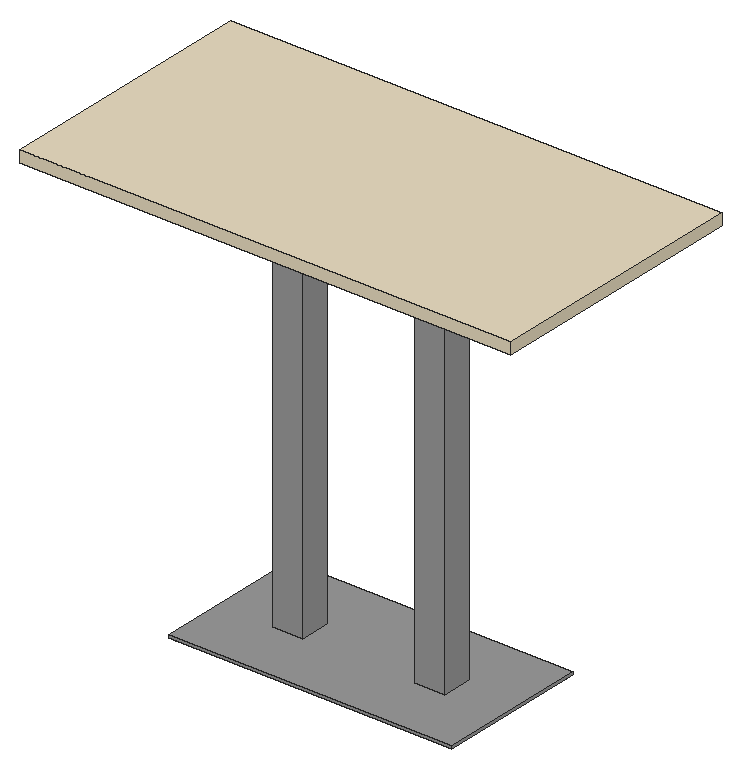
Revit family "FU_Table_Sandler_590AQ-XT", category Furniture, Revit 2020
Family settings
  OmniClass Number = 23.40.20.00
  OmniClass Title = General Furniture and Specialties
  Work Plane-Based = No
  Always vertical = Yes
  Cut with Voids When Loaded = No
  Shared = No
  Room Calculation Point = No
Parameters (values of type "590AQ-MT - 28x51" Top (70x130cm)")
  Width = 750 mm
  URL = "https://www.sandlerseating.com/product/591aq-mt/"
  Top Size = FU_TableTops_MT Sqr : 28x52" Top (70x130cm)
  Top Finish [instance] = Wood - Beech - Honey Stained
  Model = "590AQ-MT"
  Manufacturer = "Sandler"
  Height = 1100 mm
  Frame Finish [instance] = Metal - Steel - Matt-Satin
  Elevation = Height  # 1100 mm
  Description = "Double column table base in stainless steel."
  Depth = 400 mm
  Default Elevation = 0 mm
Types (4, lengths in mm): name | Top Size | Frame Finish
  590AQ-MT - 28x48" Top (70x120cm) | FU_TableTops_MT Sqr : 28x48" Top (70x120cm) | Metal - Steel - Polished
  590AQ-MT - 28x51" Top (70x130cm) | FU_TableTops_MT Sqr : 28x52" Top (70x130cm) | Metal - Steel - Matt-Satin
  590AQ-MT - 32x48" Top (80x120cm) | FU_TableTops_MT Sqr : 32x48" Top (80x120cm) | Metal - Steel - Polished
  590AQ-MT - 32x51" Top (80x130cm) | FU_TableTops_MT Sqr : 32x52" Top (80x130cm) | Metal - Steel - Polished
Reference planes
  plane 1 "Center (Front/Back)": y = 0
  plane 2: z = 0
  plane 3 "Center (Left/Right)": x = 0
  plane 4 "Right": x = -375
  plane 5 "Left": x = 375
  plane 6 "Back": y = 200
  plane 7 "Front": y = -200
  plane 8 "Height": z = 1100
  plane 9 "Glide height": z = 4
  plane 10 "LG H": y = 185.83
  plane 11: x = -360.83
  plane 12: x = -187.5
Forms (mm)
  Extrusion 1, solid, material "Metal - Steel - Matt-Satin" <- "Frame Finish"
    sketch origin (0, 0, 4) x (-1, 0, 0) y (0, -1, 0)
      loop
        line (375, -200) -> (375, 200) -> (-375, 200) -> (-375, -200) -> (375, -200)
    from 0 to 6
  Revolve 2, solid, material "Rubber, Black"
    sketch origin (0, 185.83, 0) x (-1, 0, 0) y (0, 0, 1)
      loop
        line (372.33, 4) -> (360.83, 4) -> (360.83, 0) -> (370.33, 0)
        arc (370.33, 0) -> (371.744, 0.586) -> (372.33, 2) r 2
        line (372.33, 2) -> (372.33, 4)
      axis (360.83, 4) -> (360.83, 0)
    angle from 0 to 360
  Revolve 3, solid, material "Rubber, Black"
    sketch origin (0, 185.83, 0) x (1, 0, 0) y (0, 0, 1)
      loop
        line (372.33, 4) -> (362.33, 4) -> (362.33, 0) -> (370.33, 0)
        arc (370.33, 0) -> (371.744, 0.586) -> (372.33, 2) r 2
        line (372.33, 2) -> (372.33, 4)
      axis (362.33, 4) -> (362.33, 0)
    angle from 0 to 360
  Revolve 4, solid, material "Rubber, Black"
    sketch origin (0, -185.83, 0) x (-1, 0, 0) y (0, 0, -1)
      loop
        line (372.33, -4) -> (372.33, -2)
        arc (372.33, -2) -> (371.744, -0.586) -> (370.33, 0) r 2
        line (370.33, 0) -> (360.83, 0) -> (360.83, -4) -> (372.33, -4)
      axis (360.83, -4) -> (360.83, 0)
    angle from 0 to 360
  Revolve 5, solid, material "Rubber, Black"
    sketch origin (0, -185.83, 0) x (1, 0, 0) y (0, 0, 1)
      loop
        line (372.33, 4) -> (362.33, 4) -> (362.33, 0) -> (370.33, 0)
        arc (370.33, 0) -> (371.744, 0.586) -> (372.33, 2) r 2
        line (372.33, 2) -> (372.33, 4)
      axis (362.33, 4) -> (362.33, 0)
    angle from 0 to 360
  Revolve 6, solid, material "Rubber, Black"
    sketch origin (-360.83, 185.83, 0) x (1, 0, 0) y (0, 0, 1)
      loop
        line (370.83, 4) -> (360.83, 4) -> (360.83, 0) -> (368.83, 0)
        arc (368.83, 0) -> (370.244, 0.586) -> (370.83, 2) r 2
        line (370.83, 2) -> (370.83, 4)
      axis (360.83, 4) -> (360.83, 0)
    angle from 0 to 360
  Revolve 7, solid, material "Rubber, Black"
    sketch origin (-360.83, -185.83, 0) x (1, 0, 0) y (0, 0, 1)
      loop
        line (370.83, 4) -> (360.83, 4) -> (360.83, 0) -> (368.83, 0)
        arc (368.83, 0) -> (370.244, 0.586) -> (370.83, 2) r 2
        line (370.83, 2) -> (370.83, 4)
      axis (360.83, 4) -> (360.83, 0)
    angle from 0 to 360
  Extrusion 8, solid, material "Metal - Steel - Matt-Satin" <- "Frame Finish"
    sketch origin (0, 0, 4) x (-1, 0, 0) y (0, -1, 0)
      loop
        line (227.5, -40) -> (227.5, 40) -> (147.5, 40) -> (147.5, -40) -> (227.5, -40)
    from 6 to 1096
  Extrusion 9, solid, material "Metal - Steel - Matt-Satin" <- "Frame Finish"
    sketch origin (0, 0, 4) x (1, 0, 0) y (0, 1, 0)
      loop
        line (227.5, 40) -> (147.5, 40) -> (147.5, -40) -> (227.5, -40) -> (227.5, 40)
    from 6 to 1096
  Extrusion 10, solid, material "Metal - Steel - Matt-Satin" <- "Frame Finish"
    sketch origin (0, 0, 1100) x (-1, 0, 0) y (0, -1, 0)
      loop
        line (235.5, 44.024) -> (307.236, 117.26)
        arc (307.236, 117.26) -> (304.417, 120.065) -> (301.532, 122.802) r 167.789
        line (301.532, 122.802) -> (227.879, 47.718) -> (147.12, 47.718) -> (73.468, 122.802)
        arc (73.468, 122.802) -> (70.583, 120.065) -> (67.764, 117.26) r 167.789
        line (67.764, 117.26) -> (139.5, 44.024) -> (139.5, -44.024) -> (67.486, -116.038)
        arc (67.486, -116.038) -> (70.298, -118.884) -> (73.177, -121.661) r 166.741
        line (73.177, -121.661) -> (146.556, -48.282) -> (228.444, -48.282) -> (301.823, -121.661)
        arc (301.823, -121.661) -> (304.702, -118.884) -> (307.514, -116.038) r 166.741
        line (307.514, -116.038) -> (235.5, -44.024) -> (235.5, 44.024)
    from -5.84 to -20
  Extrusion 11, solid, material "Metal - Steel - Matt-Satin" <- "Frame Finish"
    sketch origin (0, 0, 1100) x (-1, 0, 0) y (0, -1, 0)
      loop
        arc (235.5, 9.198) -> (237.694, 20.46) -> (243.955, 30.074) r 30
        line (243.955, 30.074) -> (342.527, 133.309)
        arc (342.527, 133.309) -> (344.782, 138.939) -> (342.439, 144.533) r 8
        line (342.439, 144.533) -> (329.622, 157.35)
        arc (329.622, 157.35) -> (323.965, 159.693) -> (318.308, 157.35) r 8
        line (318.308, 157.35) -> (219.527, 57.069)
        arc (219.527, 57.069) -> (209.794, 50.566) -> (198.314, 48.282) r 30
        line (198.314, 48.282) -> (176.686, 48.282)
        arc (176.686, 48.282) -> (165.206, 50.566) -> (155.473, 57.069) r 30
        line (155.473, 57.069) -> (56.692, 157.35)
        arc (56.692, 157.35) -> (51.035, 159.693) -> (45.378, 157.35) r 8
        line (45.378, 157.35) -> (32.561, 144.533)
        arc (32.561, 144.533) -> (30.218, 138.939) -> (32.473, 133.309) r 8
        line (32.473, 133.309) -> (131.045, 30.074)
        arc (131.045, 30.074) -> (137.306, 20.46) -> (139.5, 9.198) r 30
        line (139.5, 9.198) -> (139.5, -9.198)
        arc (139.5, -9.198) -> (137.306, -20.46) -> (131.045, -30.074) r 30
        line (131.045, -30.074) -> (32.473, -131.809)
        arc (32.473, -131.809) -> (30.218, -137.439) -> (32.561, -143.033) r 8
        line (32.561, -143.033) -> (45.378, -155.85)
        arc (45.378, -155.85) -> (51.035, -158.193) -> (56.692, -155.85) r 8
        line (56.692, -155.85) -> (155.473, -57.069)
        arc (155.473, -57.069) -> (165.206, -50.566) -> (176.686, -48.282) r 30
        line (176.686, -48.282) -> (198.314, -48.282)
        arc (198.314, -48.282) -> (209.794, -50.566) -> (219.527, -57.069) r 30
        line (219.527, -57.069) -> (318.308, -155.85)
        arc (318.308, -155.85) -> (323.965, -158.193) -> (329.622, -155.85) r 8
        line (329.622, -155.85) -> (342.439, -143.033)
        arc (342.439, -143.033) -> (344.782, -137.439) -> (342.527, -131.809) r 8
        line (342.527, -131.809) -> (243.955, -30.074)
        arc (243.955, -30.074) -> (237.694, -20.46) -> (235.5, -9.198) r 30
        line (235.5, -9.198) -> (235.5, 9.198)
      loop
        line (53.101, -141.055) -> (62.998, -131.158)
        arc (62.998, -131.158) -> (62.998, -125.502) -> (57.342, -125.502) r 3.999
        line (57.342, -125.502) -> (47.445, -135.399)
        arc (47.445, -135.399) -> (47.5, -141.001) -> (53.101, -141.055) r 4
      loop
        arc (321.899, -141.055) -> (327.5, -141.001) -> (327.555, -135.399) r 4
        line (327.555, -135.399) -> (317.658, -125.502)
        arc (317.658, -125.502) -> (312.002, -125.502) -> (312.002, -131.158) r 3.999
        line (312.002, -131.158) -> (321.899, -141.055)
      loop
        arc (53.101, 142.555) -> (47.5, 142.501) -> (47.445, 136.899) r 4
        line (47.445, 136.899) -> (57.342, 127.002)
        arc (57.342, 127.002) -> (62.998, 127.002) -> (62.998, 132.658) r 3.999
        line (62.998, 132.658) -> (53.101, 142.555)
      loop
        line (321.899, 142.555) -> (312.002, 132.658)
        arc (312.002, 132.658) -> (312.002, 127.002) -> (317.658, 127.002) r 3.999
        line (317.658, 127.002) -> (327.555, 136.899)
        arc (327.555, 136.899) -> (327.5, 142.501) -> (321.899, 142.555) r 4
      loop
        circle (187.5, 0) r 7.5
    from -9.84 to 0
  Extrusion 12, solid, material "Metal - Steel - Matt-Satin" <- "Frame Finish"
    sketch origin (0, 0, 1100) x (1, 0, 0) y (0, 1, 0)
      loop
        line (235.5, -44.024) -> (235.5, 44.024) -> (309.014, 116.038)
        arc (309.014, 116.038) -> (306.203, 118.919) -> (303.323, 121.732) r 167.824
        line (303.323, 121.732) -> (228.444, 48.282) -> (146.556, 48.282) -> (73.177, 121.661)
        arc (73.177, 121.661) -> (70.298, 118.884) -> (67.486, 116.038) r 166.741
        line (67.486, 116.038) -> (139.5, 44.024) -> (139.5, -44.024) -> (67.764, -117.26)
        arc (67.764, -117.26) -> (70.583, -120.065) -> (73.468, -122.802) r 167.789
        line (73.468, -122.802) -> (147.12, -47.718) -> (227.879, -47.718) -> (303.032, -122.871)
        arc (303.032, -122.871) -> (305.917, -120.1) -> (308.736, -117.26) r 168.862
        line (308.736, -117.26) -> (235.5, -44.024)
    from -5.84 to -20
  Extrusion 13, solid, material "Metal - Steel - Matt-Satin" <- "Frame Finish"
    sketch origin (0, 0, 1100) x (1, 0, 0) y (0, 1, 0)
      loop
        line (235.5, -9.198) -> (235.5, 9.198)
        arc (235.5, 9.198) -> (237.694, 20.46) -> (243.955, 30.074) r 30
        line (243.955, 30.074) -> (344.027, 131.809)
        arc (344.027, 131.809) -> (346.282, 137.439) -> (343.939, 143.033) r 8
        line (343.939, 143.033) -> (331.122, 155.85)
        arc (331.122, 155.85) -> (325.465, 158.193) -> (319.808, 155.85) r 8
        line (319.808, 155.85) -> (219.527, 57.069)
        arc (219.527, 57.069) -> (209.794, 50.566) -> (198.314, 48.282) r 30
        line (198.314, 48.282) -> (176.686, 48.282)
        arc (176.686, 48.282) -> (165.206, 50.566) -> (155.473, 57.069) r 30
        line (155.473, 57.069) -> (56.692, 155.85)
        arc (56.692, 155.85) -> (51.035, 158.193) -> (45.378, 155.85) r 8
        line (45.378, 155.85) -> (32.561, 143.033)
        arc (32.561, 143.033) -> (30.218, 137.439) -> (32.473, 131.809) r 8
        line (32.473, 131.809) -> (131.045, 30.074)
        arc (131.045, 30.074) -> (137.306, 20.46) -> (139.5, 9.198) r 30
        line (139.5, 9.198) -> (139.5, -9.198)
        arc (139.5, -9.198) -> (137.306, -20.46) -> (131.045, -30.074) r 30
        line (131.045, -30.074) -> (32.473, -133.309)
        arc (32.473, -133.309) -> (30.218, -138.939) -> (32.561, -144.533) r 8
        line (32.561, -144.533) -> (45.378, -157.35)
        arc (45.378, -157.35) -> (51.035, -159.693) -> (56.692, -157.35) r 8
        line (56.692, -157.35) -> (155.473, -57.069)
        arc (155.473, -57.069) -> (165.206, -50.566) -> (176.686, -48.282) r 30
        line (176.686, -48.282) -> (198.314, -48.282)
        arc (198.314, -48.282) -> (209.794, -50.566) -> (219.527, -57.069) r 30
        line (219.527, -57.069) -> (319.808, -157.35)
        arc (319.808, -157.35) -> (325.465, -159.693) -> (331.122, -157.35) r 8
        line (331.122, -157.35) -> (343.939, -144.533)
        arc (343.939, -144.533) -> (346.282, -138.939) -> (344.027, -133.309) r 8
        line (344.027, -133.309) -> (243.955, -30.074)
        arc (243.955, -30.074) -> (237.694, -20.46) -> (235.5, -9.198) r 30
      loop
        arc (53.101, 141.055) -> (47.5, 141.001) -> (47.445, 135.399) r 4
        line (47.445, 135.399) -> (57.342, 125.502)
        arc (57.342, 125.502) -> (62.998, 125.502) -> (62.998, 131.158) r 3.999
        line (62.998, 131.158) -> (53.101, 141.055)
      loop
        line (323.399, 141.055) -> (313.502, 131.158)
        arc (313.502, 131.158) -> (313.502, 125.502) -> (319.158, 125.502) r 3.999
        line (319.158, 125.502) -> (329.055, 135.399)
        arc (329.055, 135.399) -> (329, 141.001) -> (323.399, 141.055) r 4
      loop
        line (53.101, -142.555) -> (62.998, -132.658)
        arc (62.998, -132.658) -> (62.998, -127.002) -> (57.342, -127.002) r 3.999
        line (57.342, -127.002) -> (47.445, -136.899)
        arc (47.445, -136.899) -> (47.5, -142.501) -> (53.101, -142.555) r 4
      loop
        arc (323.399, -142.555) -> (329, -142.501) -> (329.055, -136.899) r 4
        line (329.055, -136.899) -> (319.158, -127.002)
        arc (319.158, -127.002) -> (313.502, -127.002) -> (313.502, -132.658) r 3.999
        line (313.502, -132.658) -> (323.399, -142.555)
      loop
        circle (187.5, 0) r 7.5
    from -9.84 to 0
Cuts and joins
  joined: Extrusion 1, Extrusion 8, Extrusion 9, Extrusion 10, Extrusion 11, Extrusion 12, Extrusion 13
Dimensions and locks
  equal spacing: plane 4 "Right", plane 3 "Center (Left/Right)", plane 5 "Left"
  "Width": plane 4 "Right" to plane 5 "Left"
  equal spacing: plane 6 "Back", plane 1 "Center (Front/Back)", plane 7 "Front"
  "Depth": plane 6 "Back" to plane 7 "Front"
  "Height": plane 8 "Height" to level
  plane 9 "Glide height" to level = 4 mm
  aligned and locked: level to plane 2
  aligned and locked: plane 8 "Height" to cut or joined group of Extrusion 1, Extrusion 8, Extrusion 9, Extrusion 10, Extrusion 11, Extrusion 12, Extrusion 13  (x2)
Automatic sketch dimensions
  Extrusion 1 sketch curve to plane 5 "Left" = 0 mm
  Extrusion 1 sketch curve to plane 4 "Right" = 0 mm
  Extrusion 1 sketch curve to plane 6 "Back" = 0 mm
  Extrusion 1 sketch curve to plane 7 "Front" = 0 mm
  Revolve 2 sketch curve to plane 9 "Glide height" = 0 mm  (x2)
  plane 11 to Revolve 2 sketch curve = 0 mm  (x2)
  Revolve 2 sketch curve to level = 0 mm
  level to Revolve 2 sketch curve = 2 mm
  Revolve 2 sketch curve to plane 4 "Right" = 4.67 mm
  Revolve 2 sketch curve to level = 1.303 mm
  Revolve 3 sketch curve to plane 9 "Glide height" = 0 mm  (x2)
  Revolve 3 sketch curve to level = 0 mm
  Revolve 3 sketch curve to plane 5 "Left" = 12.67 mm
  Revolve 3 sketch curve to level = 2 mm
  Revolve 3 sketch curve to plane 5 "Left" = 4.67 mm
  Revolve 3 sketch curve to Revolve 3 sketch curve = 0 mm
  Revolve 3 sketch curve to Revolve 3 sketch curve = 1.303 mm
  Revolve 4 sketch curve to plane 9 "Glide height" = 0 mm  (x2)
  plane 11 to Revolve 4 sketch curve = 0 mm  (x2)
  Revolve 4 sketch curve to level = 0 mm
  level to Revolve 4 sketch curve = 2 mm
  Revolve 4 sketch curve to plane 4 "Right" = 4.67 mm
  Revolve 4 sketch curve to level = 1.303 mm
  Revolve 5 sketch curve to plane 9 "Glide height" = 0 mm  (x2)
  Revolve 5 sketch curve to level = 0 mm
  plane 5 "Left" to Revolve 5 sketch curve = 12.67 mm
  level to Revolve 5 sketch curve = 2 mm
  plane 5 "Left" to Revolve 5 sketch curve = 4.67 mm
  Revolve 5 sketch curve to Revolve 5 sketch curve = 0 mm
  Revolve 5 sketch curve to Revolve 5 sketch curve = 1.303 mm
  Revolve 6 sketch curve to plane 9 "Glide height" = 0 mm  (x2)
  Revolve 6 sketch curve to level = 0 mm
  plane 3 "Center (Left/Right)" to Revolve 6 sketch curve = 0 mm
  Revolve 6 sketch curve to level = 2 mm
  Revolve 6 sketch curve to plane 3 "Center (Left/Right)" = 8 mm
  Revolve 6 sketch curve to Revolve 6 sketch curve = 0 mm
  Revolve 6 sketch curve to Revolve 6 sketch curve = 1.303 mm
  Revolve 7 sketch curve to plane 9 "Glide height" = 0 mm  (x2)
  Revolve 7 sketch curve to level = 0 mm
  Revolve 7 sketch curve to plane 3 "Center (Left/Right)" = 0 mm
  level to Revolve 7 sketch curve = 2 mm
  plane 3 "Center (Left/Right)" to Revolve 7 sketch curve = 8 mm
  Revolve 7 sketch curve to Revolve 7 sketch curve = 0 mm
  Revolve 7 sketch curve to Revolve 7 sketch curve = 1.303 mm
  Extrusion 8 sketch curve to plane 12 = 40 mm
  Extrusion 8 sketch curve to plane 1 "Center (Front/Back)" = 40 mm
  plane 1 "Center (Front/Back)" to Extrusion 9 sketch curve = 40 mm
  Extrusion 9 sketch curve to plane 3 "Center (Left/Right)" = 147.5 mm
  Extrusion 10 sketch curve to Extrusion 10 sketch curve = 0 mm  (x12)
  Extrusion 10 sketch curve to plane 12 = 0 mm
  Extrusion 10 sketch curve to plane 12 = 40.38 mm
  Extrusion 10 sketch curve to plane 12 = 40.944 mm
  Extrusion 10 sketch curve to Extrusion 10 sketch curve = 7.056 mm  (x2)
  Extrusion 10 sketch curve to plane 3 "Center (Left/Right)" = 73.468 mm
  Extrusion 10 sketch curve to plane 3 "Center (Left/Right)" = 73.177 mm
  Extrusion 10 sketch curve to Extrusion 10 sketch curve = 5.704 mm  (x2)
  Extrusion 10 sketch curve to Extrusion 10 sketch curve = 5.691 mm  (x2)
  plane 12 to Extrusion 10 sketch curve = 40.38 mm
  plane 12 to Extrusion 10 sketch curve = 40.944 mm
  Extrusion 10 sketch curve to plane 11 = 59.298 mm
  Extrusion 10 sketch curve to plane 11 = 59.007 mm
  Extrusion 10 sketch curve to plane 10 "LG H" = 64.169 mm  (x2)
  Extrusion 10 sketch curve to Extrusion 10 sketch curve = 5.623 mm
  Extrusion 10 sketch curve to plane 1 "Center (Front/Back)" = 48.282 mm
  Extrusion 10 sketch curve to Extrusion 10 sketch curve = 4.258 mm  (x2)
  plane 1 "Center (Front/Back)" to Extrusion 10 sketch curve = 44.024 mm  (x2)
  Extrusion 10 sketch curve to Extrusion 10 sketch curve = 3.693 mm
  plane 7 "Front" to Extrusion 10 sketch curve = 82.74 mm  (x2)
  plane 1 "Center (Front/Back)" to Extrusion 11 sketch curve = 0 mm
  Extrusion 11 sketch curve to plane 12 = 0 mm
  Extrusion 11 sketch curve to plane 12 = 10.814 mm  (x2)
  Extrusion 11 sketch curve to Extrusion 11 sketch curve = 21.213 mm  (x5)
  plane 1 "Center (Front/Back)" to Extrusion 11 sketch curve = 9.198 mm  (x2)
  Extrusion 11 sketch curve to plane 12 = 48 mm
  Extrusion 11 sketch curve to plane 1 "Center (Front/Back)" = 30.074 mm  (x2)
  Extrusion 11 sketch curve to Extrusion 11 sketch curve = 8.455 mm  (x4)
  plane 1 "Center (Front/Back)" to Extrusion 11 sketch curve = 30.074 mm  (x2)
  Extrusion 11 sketch curve to plane 1 "Center (Front/Back)" = 9.198 mm  (x2)
  Extrusion 11 sketch curve to plane 3 "Center (Left/Right)" = 62.998 mm  (x2)
  Extrusion 11 sketch curve to Extrusion 11 sketch curve = 2.828 mm  (x12)
  Extrusion 11 sketch curve to Extrusion 11 sketch curve = 6.306 mm  (x4)
  Extrusion 11 sketch curve to Extrusion 11 sketch curve = 9.897 mm  (x8)
  Extrusion 11 sketch curve to Extrusion 11 sketch curve = 5.657 mm  (x18)
  Extrusion 11 sketch curve to Extrusion 11 sketch curve = 2.773 mm  (x6)
  Extrusion 11 sketch curve to Extrusion 11 sketch curve = 2.883 mm  (x6)
  Extrusion 11 sketch curve to plane 10 "LG H" = 29.98 mm  (x2)
  Extrusion 11 sketch curve to Extrusion 11 sketch curve = 9.227 mm  (x4)
  Extrusion 11 sketch curve to Extrusion 11 sketch curve = 5.745 mm  (x4)
  plane 12 to Extrusion 11 sketch curve = 10.814 mm  (x2)
  plane 12 to Extrusion 11 sketch curve = 48 mm
  Extrusion 11 sketch curve to plane 11 = 48.828 mm  (x2)
  Extrusion 11 sketch curve to Extrusion 11 sketch curve = 12.817 mm  (x2)
  Extrusion 11 sketch curve to Extrusion 11 sketch curve = 9.138 mm  (x4)
  Extrusion 11 sketch curve to Extrusion 11 sketch curve = 48.208 mm
  Extrusion 11 sketch curve to Extrusion 11 sketch curve = 0 mm
  plane 1 "Center (Front/Back)" to Extrusion 11 sketch curve = 48.282 mm
  Extrusion 11 sketch curve to Extrusion 11 sketch curve = 8.787 mm  (x2)
  plane 7 "Front" to Extrusion 11 sketch curve = 72.998 mm  (x2)
  Extrusion 11 sketch curve to Extrusion 11 sketch curve = 6.307 mm  (x2)
  Extrusion 11 sketch curve to Extrusion 11 sketch curve = 5.567 mm  (x2)
  Extrusion 12 sketch curve to Extrusion 12 sketch curve = 0 mm  (x12)
  Extrusion 12 sketch curve to plane 3 "Center (Left/Right)" = 67.486 mm
  Extrusion 12 sketch curve to plane 3 "Center (Left/Right)" = 67.764 mm
  Extrusion 12 sketch curve to Extrusion 12 sketch curve = 5.691 mm  (x2)
  Extrusion 12 sketch curve to Extrusion 12 sketch curve = 5.704 mm  (x2)
  plane 1 "Center (Front/Back)" to Extrusion 12 sketch curve = 44.024 mm  (x2)
  Extrusion 12 sketch curve to Extrusion 12 sketch curve = 72.014 mm
  plane 1 "Center (Front/Back)" to Extrusion 12 sketch curve = 48.282 mm
  Extrusion 12 sketch curve to Extrusion 12 sketch curve = 7.056 mm  (x2)
  Extrusion 12 sketch curve to plane 1 "Center (Front/Back)" = 47.718 mm
  Extrusion 12 sketch curve to Extrusion 12 sketch curve = 7.62 mm
  plane 1 "Center (Front/Back)" to Extrusion 12 sketch curve = 0.282 mm
  Extrusion 12 sketch curve to Extrusion 12 sketch curve = 40.38 mm  (x2)
  Extrusion 12 sketch curve to Extrusion 12 sketch curve = 40.944 mm
  Extrusion 12 sketch curve to plane 5 "Left" = 71.968 mm
  Extrusion 12 sketch curve to plane 5 "Left" = 71.677 mm
  plane 10 "LG H" to Extrusion 12 sketch curve = 69.792 mm  (x2)
  Extrusion 12 sketch curve to Extrusion 12 sketch curve = 3.693 mm  (x2)
  Extrusion 12 sketch curve to plane 7 "Front" = 82.74 mm  (x2)
  plane 1 "Center (Front/Back)" to Extrusion 13 sketch curve = 0 mm
  Extrusion 13 sketch curve to plane 3 "Center (Left/Right)" = 32.473 mm  (x2)
  Extrusion 13 sketch curve to Extrusion 13 sketch curve = 0.089 mm  (x2)
  Extrusion 13 sketch curve to Extrusion 13 sketch curve = 5.745 mm  (x4)
  Extrusion 13 sketch curve to Extrusion 13 sketch curve = 12.817 mm  (x4)
  Extrusion 13 sketch curve to Extrusion 13 sketch curve = 9.227 mm  (x4)
  Extrusion 13 sketch curve to Extrusion 13 sketch curve = 2.883 mm  (x6)
  Extrusion 13 sketch curve to Extrusion 13 sketch curve = 5.657 mm  (x16)
  Extrusion 13 sketch curve to Extrusion 13 sketch curve = 2.773 mm  (x6)
  plane 10 "LG H" to Extrusion 13 sketch curve = 29.98 mm  (x2)
  Extrusion 13 sketch curve to Extrusion 13 sketch curve = 9.897 mm  (x8)
  Extrusion 13 sketch curve to Extrusion 13 sketch curve = 2.828 mm  (x12)
  plane 1 "Center (Front/Back)" to Extrusion 13 sketch curve = 9.198 mm  (x2)
  Extrusion 13 sketch curve to plane 3 "Center (Left/Right)" = 109.5 mm
  Extrusion 13 sketch curve to Extrusion 13 sketch curve = 0 mm
  Extrusion 13 sketch curve to plane 1 "Center (Front/Back)" = 30.074 mm  (x2)
  Extrusion 13 sketch curve to Extrusion 13 sketch curve = 21.545 mm  (x2)
  plane 1 "Center (Front/Back)" to Extrusion 13 sketch curve = 30.074 mm  (x2)
  Extrusion 13 sketch curve to plane 1 "Center (Front/Back)" = 57.069 mm  (x2)
  Extrusion 13 sketch curve to Extrusion 13 sketch curve = 24.427 mm  (x2)
  plane 1 "Center (Front/Back)" to Extrusion 13 sketch curve = 57.069 mm  (x2)
  Extrusion 13 sketch curve to Extrusion 13 sketch curve = 21.213 mm  (x5)
  Extrusion 13 sketch curve to Extrusion 13 sketch curve = 48 mm  (x2)
  Extrusion 13 sketch curve to Extrusion 13 sketch curve = 21.628 mm  (x2)
  Extrusion 13 sketch curve to plane 1 "Center (Front/Back)" = 9.198 mm
  Extrusion 13 sketch curve to Extrusion 13 sketch curve = 8.455 mm  (x2)
  Extrusion 13 sketch curve to plane 5 "Left" = 61.498 mm  (x2)
  Extrusion 13 sketch curve to Extrusion 13 sketch curve = 6.306 mm  (x2)
  Extrusion 13 sketch curve to Extrusion 13 sketch curve = 9.138 mm  (x4)
  Extrusion 13 sketch curve to Extrusion 13 sketch curve = 8.787 mm
  Extrusion 13 sketch curve to plane 7 "Front" = 72.998 mm  (x2)
  Extrusion 13 sketch curve to Extrusion 13 sketch curve = 6.307 mm  (x2)
  Extrusion 13 sketch curve to Extrusion 13 sketch curve = 5.567 mm  (x2)
  plane 12 to Extrusion 8 sketch curve = 40 mm
  plane 1 "Center (Front/Back)" to Extrusion 8 sketch curve = 40 mm
  Extrusion 9 sketch curve to Extrusion 9 sketch curve = 80 mm
  Extrusion 9 sketch curve to plane 1 "Center (Front/Back)" = 40 mm
  radius of Extrusion 11 sketch curve = 7.5 mm
  radius of Extrusion 13 sketch curve = 7.5 mm
Nested families
  nested 1: "FU_TableTops_MT Sqr" at (0, 0, 0), Top Elevation <- "Elevation", Top Finish <- "Top Finish", type <- "Top Size", type "28x52" Top (70x130cm)"
    with Top Finish Wood - Beech - Honey Stained, Top Elevation 1100 mm
Definition of nested family "FU_TableTops_MT Sqr"
  Parameters (values of type "24x48" Top (60x120cm)")
    Width = 1200 mm
    Top Finish [instance] = none
    Top Elevation [instance] = 1100 mm
    Depth = 600 mm
    Default Elevation = 0 mm
  Types (16, lengths in mm): name | Width | Depth
    28x48" Top (70x120cm) | 1200 | 700
    28x52" Top (70x130cm) | 1300 | 700
    32x48" Top (80x120cm) | 1200 | 800
    32x52" Top (80x130cm) | 1300 | 800
    28x55" Top (70x140cm) | 1400 | 700
    32x55" Top (80x140cm) | 1400 | 800
    24" Square (60cm) | 600 | 600
    28" Square (70cm) | 700 | 700
    32" Square (80cm) | 800 | 800
    36" Square (90cm) | 900 | 900
    40" Square (100cm) | 1000 | 1000
    44" Square (110cm) | 1100 | 1100
    28x44" Top (70x110cm) | 1100 | 700
    24x40" Top (60x100cm) | 1000 | 600
    24x44" Top (60x110cm) | 1100 | 600
    24x48" Top (60x120cm) | 1200 | 600
  Reference planes
    plane 1 "Center (Front/Back)": y = 0
    plane 2: z = 0
    plane 3 "Center (Left/Right)": x = 0
    plane 4 "Right": x = -600
    plane 5 "Left": x = 600
    plane 6 "Back": y = 300
    plane 7 "Front": y = -300
    plane 8 "Elevation": z = 1100
    plane 9 "Top Height": z = 1131.75
  Forms (mm)
    Extrusion 1, solid, material <- "Top Finish"
      sketch origin (0, 0, 1100) x (-1, 0, 0) y (0, -1, 0)
        loop
          line (600, -300) -> (600, 300) -> (-600, 300) -> (-600, -300) -> (600, -300)
      from 0 to 31.75
  Dimensions and locks
    equal spacing: plane 4 "Right", plane 3 "Center (Left/Right)", plane 5 "Left"
    "Width": plane 4 "Right" to plane 5 "Left"
    equal spacing: plane 6 "Back", plane 1 "Center (Front/Back)", plane 7 "Front"
    "Depth": plane 6 "Back" to plane 7 "Front"
    "Top Elevation": plane 8 "Elevation" to level
    locked: plane 9 "Top Height" to plane 8 "Elevation" at 31.75
    aligned and locked: level to plane 2
    aligned and locked: Extrusion 1 sketch curve to plane 6 "Back"
    aligned and locked: Extrusion 1 sketch curve to plane 4 "Right"
    aligned and locked: plane 7 "Front" to Extrusion 1 sketch curve
    aligned and locked: plane 5 "Left" to Extrusion 1 sketch curve
    aligned and locked: Extrusion 1 to plane 8 "Elevation"
    aligned and locked: plane 8 "Elevation" to Extrusion 1  (x2)
    aligned and locked: plane 9 "Top Height" to Extrusion 1
    aligned and locked: Extrusion 1 to plane 9 "Top Height"
